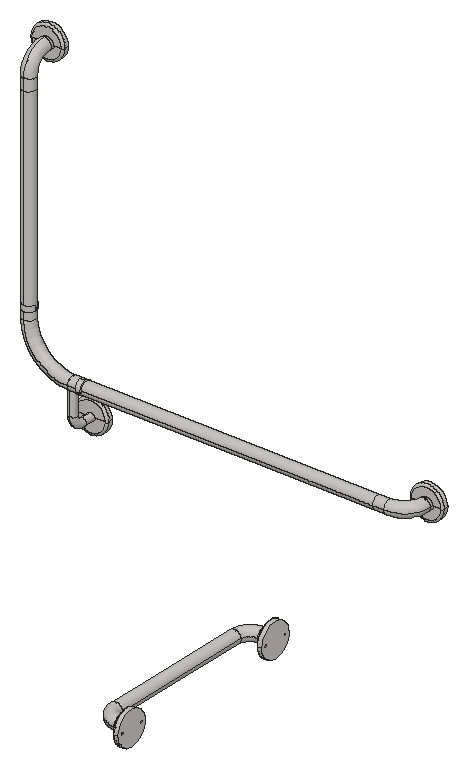
Revit family "RBA4090-346", category Plumbing Fixtures, Revit 2021
Family settings
  Round Connector Dimension = Use Diameter
  Part Type = Normal
  Work Plane-Based = No
  Always vertical = Yes
  Cut with Voids When Loaded = No
  Shared = No
  Room Calculation Point = No
Parameters
  Watermarked By = ""
  URL = "www.rba.com.au"
  Phone Number = "1300 788 778"
  OFFSET = 800.00 mm
  Model = "RBA4090-346"
  Materials & Finishes = #304 Stainless Steel, Satin Finish
  Manufacturer Model = ""
  Manufacturer = "RBA Group"
  Distance Away from Wall [instance] = 100.00 mm
  Distance Away from Toilet [instance] = 1090.00 mm
  Description = "RH Accessible Rail + 450mm Straight Kit | Satin Finish"
  Default Elevation = 0.00 mm
  Copyrighted by = "RBA Group"  # constant formula
  Assembly Code = ""
Reference planes
  plane 1 "Center (Front/Back)": y = 0
  plane 2: z = 0
  plane 3: x = 40.5
  plane 4: z = 800
  plane 5: x = 1090.5
  plane 6: x = 990.5
  plane 7: x = 140.5
  plane 8: z = 700
  plane 9: z = 1500
  plane 10: y = -86
  plane 11: y = -54
  plane 12: y = -1074
  plane 13: y = -1090
  plane 14: x = 1035.5
  plane 15: x = 1003.5
  plane 16: z = 816
  plane 17: x = 56.5
  plane 18: x = 46.5
Dimensions and locks
  "OFFSET": plane 4 to plane 2
  plane 11 to plane 1 "Center (Front/Back)" = 54.00 mm
  plane 10 to plane 1 "Center (Front/Back)" = 86.00 mm
  "Distance Away from Wall": plane 6 to plane 5
  locked: plane 12 to plane 13 at 16
  "Distance Away from Toilet": plane 13 to plane 1 "Center (Front/Back)"
Nested families
  nested 1: "RBA4090-911" at (-656, 0, 800), type "RBA4090-911"
  nested 2: "RBA4000-Straight-Series" at (1090.5, -1074, 800) x (0, 1, 0) z (0, 0, -1), type "RBA4000-045"
Definition of nested family "RBA4090-911"
  Parameters (values of type "RBA4090-911")
    Watermarked By = "www.rba.com.au"
    URL = "www.rba.com.au"
    R_Void [instance] = 15.00 mm
    R [instance] = 0.00 mm
    Phone Number = "1300 788 778"
    Model = "RBA4090-911"
    Materials & Finishes = none
    Manufacturer Model = "B819436"
    Manufacturer = "RBA Group"
    Description = "RTA SSS Right Hand Single Wall 90° Rail"
    Default Elevation = 0.00 mm
    Copyrighted by = "RBA Group"  # constant formula
    Assembly Code = ""
  Reference planes
    plane 1 "Center (Front/Back)": y = 0
    plane 2: z = 0
    plane 3: x = 40.5
    plane 4: x = 990.5
    plane 5: x = 515.5
    plane 6: z = 700
    plane 7: x = 835.5
    plane 8: z = -100
    plane 9: x = 974.5
    plane 10: z = 16
    plane 11: y = -70
    plane 12: y = -86
    plane 13: y = -54
    plane 14: y = -79.5
    plane 15: y = -60.5
    plane 16: z = -30
    plane 17: z = 30
    plane 18: x = 1606.5
    plane 19: x = 1666.5
    plane 20: z = 670
    plane 21: z = 730
    plane 22: x = 716.5
    plane 23: x = 656.5
    plane 24: z = -130
    plane 25: z = -70
    plane 26: x = 766.5
    plane 27: x = 826.5
    plane 28: x = 686.5
  Forms (mm)
    Extrusion 1, solid, material <- "Materials & Finishes"
      sketch origin (1636.5, -2.628, 315.907) x (0, 0, -1) y (-1, 0, 0)
        loop
          circle (315.907, 0) r 40
      from -0.219 to 2.628
    Revolve 2, solid, material <- "Materials & Finishes"
      sketch origin (1636.5, 18.663, 0) x (0, -1, 0) y (1, 0, 0)
        loop
          line (18.663, 0) -> (33.701, 0) -> (32.842, 36.617)
          arc (32.842, 36.617) -> (31.337, 40.077) -> (27.844, 41.5) r 5
          line (27.844, 41.5) -> (18.663, 41.5) -> (18.663, 0)
        axis (18.663, 0) -> (33.701, 0)
      angle from 0 to 360
    Extrusion 3, void
      sketch origin (1636.5, 34.941, 315.907) x (0, 0, -1) y (-1, 0, 0)
        loop
          circle (315.907, 30) r 5
        loop
          circle (315.907, -30) r 5
      from -37.788 to -30
    Sweep 4, solid, material <- "Materials & Finishes"
      path origin (1636.5, 12.454, 0) x (0, -1, 0) y (-1, 0, 0)
        loop
          line (12.454, 0) -> (34.454, 0)
          arc (34.454, 0) -> (68.395, 14.059) -> (82.454, 48) r 48
          line (82.454, 48) -> (82.454, 76)
      profile origin (1636.5, -11, 0) x (1, 0, 0) y (0, 0, 1)
        loop
          circle (0, 0) r 16
    Extrusion 5, solid, material <- "Materials & Finishes"
      sketch origin (686.5, -2.628, 1015.907) x (0, 0, -1) y (-1, 0, 0)
        loop
          circle (315.907, 0) r 40
      from -0.219 to 2.628
    Extrusion 6, void
      sketch origin (686.5, 34.941, 1015.907) x (0, 0, -1) y (-1, 0, 0)
        loop
          circle (315.907, -30) r 5
        loop
          circle (315.907, 30) r 5
      from -37.788 to -30
    Sweep 7, solid, material <- "Materials & Finishes"
      path origin (-13.5, 12.454, 700) x (0, -1, 0) y (0, 0, -1)
        loop
          line (12.454, 0) -> (34.454, 0)
          arc (34.454, 0) -> (68.395, 14.059) -> (82.454, 48) r 48
          line (82.454, 48) -> (82.454, 76)
      profile origin (-13.5, -11, 700) x (0, 0, -1) y (1, 0, 0)
        loop
          circle (0, 700) r 16
    Revolve 8, solid, material <- "Materials & Finishes"
      sketch origin (686.5, 18.663, 700) x (0, -1, 0) y (1, 0, 0)
        loop
          line (18.663, 0) -> (18.663, -41.5) -> (27.844, -41.5)
          arc (27.844, -41.5) -> (31.337, -40.077) -> (32.842, -36.617) r 5
          line (32.842, -36.617) -> (33.701, 0) -> (18.663, 0)
        axis (18.663, 0) -> (33.701, 0)
      angle from 0 to 360
    Sweep 9, solid, material <- "Materials & Finishes"
      path origin (1677, 0, 0) x (-1, 0, 0) y (0, 0, -1)
        loop
          line (116.5, 0) -> (880.5, 0)
          arc (880.5, 0) -> (958.282, -32.218) -> (990.5, -110) r 110
          line (990.5, -110) -> (990.5, -624)
      profile origin (1178.5, 0, 0) x (0, 0, -1) y (0, -1, 0)
        loop
          circle (0, 70) r 16
    Extrusion 10, solid, material <- "Materials & Finishes"
      sketch origin (796.5, -2.628, 215.907) x (0, 0, -1) y (-1, 0, 0)
        loop
          circle (315.907, 0) r 40
      from -0.219 to 2.628
    Revolve 11, solid, material <- "Materials & Finishes"
      sketch origin (796.5, 18.663, -100) x (0, -1, 0) y (1, 0, 0)
        loop
          line (18.663, 0) -> (33.701, 0) -> (32.842, 36.617)
          arc (32.842, 36.617) -> (31.337, 40.077) -> (27.844, 41.5) r 5
          line (27.844, 41.5) -> (18.663, 41.5) -> (18.663, 0)
        axis (18.663, 0) -> (33.701, 0)
      angle from 0 to 360
    Sweep 12, solid, material <- "Materials & Finishes"
      path origin (796.5, 12.454, -100) x (0, -1, 0) y (0, 0, 1)
        loop
          line (12.454, 0) -> (54.454, 0)
          arc (54.454, 0) -> (74.253, 8.201) -> (82.454, 28) r 28
          line (82.454, 28) -> (82.454, 100)
      profile origin (796.5, -21, -100) x (0, 0, 1) y (-1, 0, 0)
        loop
          circle (0, 0) r 9.5
    Extrusion 13, void
      sketch origin (796.5, 34.941, 215.907) x (0, 0, -1) y (-1, 0, 0)
        loop
          circle (315.907, 30) r 5
        loop
          circle (315.907, -30) r 5
      from -37.788 to -30
    Extrusion 14, solid, material <- "Materials & Finishes"
      sketch origin (1677, 0, 0) x (-1, 0, 0) y (0, -1, 0)
        loop
          circle (990.5, 70) r 17
      from 142 to 130
    Extrusion 15, solid, material <- "Materials & Finishes"
      sketch origin (1026.5, 0, 990.5) x (0, 0, -1) y (0, -1, 0)
        loop
          circle (990.5, 70) r 17
      from 210 to 198
  Cuts and joins
    Extrusion 3 cuts Extrusion 1
    Extrusion 3 cuts Revolve 2
    Extrusion 6 cuts Extrusion 5
    Extrusion 6 cuts Revolve 8
    Extrusion 13 cuts Extrusion 10
    Extrusion 13 cuts Revolve 11
    joined: Sweep 4, Sweep 7, Sweep 9
  Dimensions and locks
    level to plane 8 = 100.00 mm
    plane 6 to level = 700.00 mm
    plane 4 to plane 7 = 155.00 mm
    plane 4 to plane 3 = 950.00 mm
    Revolve 2 sketch curve to Revolve 2 sketch curve = 41.50 mm
    plane 17 to plane 16 = 60.00 mm
    plane 18 to plane 19 = 60.00 mm
    plane 21 to plane 20 = 60.00 mm
    plane 23 to plane 22 = 60.00 mm
    Revolve 8 sketch curve to Revolve 8 sketch curve = 41.50 mm
    Revolve 11 sketch curve to Revolve 11 sketch curve = 41.50 mm
    plane 25 to plane 24 = 60.00 mm
    plane 26 to plane 27 = 60.00 mm
    radius of Extrusion 1 sketch curve = 40.00 mm
    radius of Sweep 4 sketch curve = 16.00 mm
    radius of Extrusion 5 sketch curve = 40.00 mm
    radius of Sweep 7 sketch curve = 16.00 mm
    radius of Extrusion 10 sketch curve = 40.00 mm
    radius of Sweep 12 sketch curve = 9.50 mm
    aligned and locked: Revolve 2 to Extrusion 1
    aligned and locked: Revolve 11 to Extrusion 10
Definition of nested family "RBA4000-Straight-Series"
  Parameters (values of type "RBA4000-060")
    Watermarked By = "www.rba.com.au"
    URL = "www.rba.com.au"
    Phone Number = "1300 788 778"
    OFFSET [instance] = 800.00 mm
    Model = "RBA4000-Straight-Series"
    Materials & Finishes = none
    Manufacturer = "RBA Group"  # constant formula
    Lgth = 600.00 mm
    Diameter = 32.00 mm
    Description = "RTA Satin Stainless Steel Straight Grabrail"
    Default Elevation = 0.00 mm
    Copyright by = "RBA Group"  # constant formula
  Types (9, lengths in mm): name | Model | Lgth
    RBA4000-040 | "RBA4000-040" | 400.00
    RBA4000-120 | "RBA4000-120" | 1200.00
    RBA4000-100 | "RBA4000-100" | 1000.00
    RBA4000-080 | "RBA4000-080" | 800.00
    RBA4000-090 | "RBA4000-090" | 900.00
    RBA4000-070 | "RBA4000-075" | 700.00
    RBA4000-060 | "RBA4000-Straight-Series" | 600.00
    RBA4000-045 | "RBA4000-045" | 450.00
    RBA4000-030 | "RBA4000-030" | 300.00
  Reference planes
    plane 1 "Center (Front/Back)": y = 0
    plane 2: z = 0
    plane 3 "Center (Left/Right)": x = 0
    plane 4: x = 0
    plane 5: x = 0
    plane 6: y = -57
    plane 7: y = -87
    plane 8: x = 600
    plane 9: z = 16
    plane 10: z = -16
    plane 11: y = -55
  Forms (mm)
    Sweep 1, solid, material <- "Materials & Finishes"
      path origin (-273.954, -750, 0) x (0, -1, 0) y (1, 0, 0)
        loop
          line (-740, 873.954) -> (-719, 873.954)
          arc (-719, 873.954) -> (-690.716, 862.239) -> (-679, 833.954) r 40
          line (-679, 833.954) -> (-679, 313.954)
          arc (-679, 313.954) -> (-690.716, 285.67) -> (-719, 273.954) r 40
          line (-719, 273.954) -> (-740, 273.954)
      profile origin (300, -71, 0) x (0, -1, 0) y (0, 0, 1)
        loop
          circle (0, 0) r 16
    Extrusion 2, solid, material <- "Materials & Finishes"
      sketch origin (62.5, -2.628, -315.907) x (0, 0, 1) y (1, 0, 0)
        loop
          circle (315.907, -62.5) r 40
      from -0.206 to 2.628
    Revolve 3, solid, material <- "Materials & Finishes"
      sketch origin (62.5, 18.663, 0) x (-1, 0, 0) y (0, -1, 0)
        loop
          line (62.5, 18.663) -> (104, 18.663) -> (104, 28.968)
          arc (104, 28.968) -> (103.207, 31.014) -> (101.243, 31.992) r 3.037
          arc (101.243, 31.992) -> (81.892, 33.334) -> (62.5, 33.781) r 420.249
          line (62.5, 33.781) -> (62.5, 18.663)
        axis (62.5, 18.663) -> (62.5, 33.781)
      angle from 0 to 360
    Extrusion 4, void
      sketch origin (62.704, 34.941, -270.785) x (-0.515038, 0, 0.857167) y (0.857167, 0, 0.515038)
        loop
          circle (248.952, 111.432) r 4.75
        loop
          circle (279.854, 60.002) r 4.75
      from -37.775 to -34.941
    Extrusion 5, solid, material <- "Materials & Finishes"
      sketch origin (237.5, -2.628, -315.907) x (0, 0, 1) y (1, 0, 0)
        loop
          circle (315.907, 362.5) r 40
      from -0.206 to 2.628
    Revolve 6, solid, material <- "Materials & Finishes"
      sketch origin (237.5, 18.663, 0) x (-1, 0, 0) y (0, -1, 0)
        loop
          line (-362.5, 18.663) -> (-362.5, 33.781)
          arc (-362.5, 33.781) -> (-381.892, 33.334) -> (-401.243, 31.992) r 420.249
          arc (-401.243, 31.992) -> (-403.207, 31.014) -> (-404, 28.968) r 3.037
          line (-404, 28.968) -> (-404, 18.663) -> (-362.5, 18.663)
        axis (-362.5, 18.663) -> (-362.5, 33.781)
      angle from 0 to 360
    Extrusion 7, void
      sketch origin (362.704, 34.941, -270.785) x (-0.515038, 0, 0.857167) y (0.857167, 0, 0.515038)
        loop
          circle (125.343, 317.152) r 4.75
        loop
          circle (94.441, 368.582) r 4.75
      from -37.775 to -34.941
  Cuts and joins
    Extrusion 7 cuts Sweep 1
    Extrusion 4, Extrusion 7 cuts Extrusion 2
    Extrusion 4, Extrusion 7 cuts Revolve 3
    Extrusion 7 cuts Extrusion 5
    Extrusion 7 cuts Revolve 6
    joined: Sweep 1, Extrusion 2, Revolve 3, Extrusion 5, Revolve 6
  Dimensions and locks
    "Lgth": plane 3 "Center (Left/Right)" to plane 8
    radius of Sweep 1 sketch curve = 16.00 mm
    aligned and locked: level to plane 2
    aligned and locked: Revolve 3 to Extrusion 2
    aligned and locked: Extrusion 2 to Extrusion 4
    aligned and locked: Revolve 6 to Extrusion 5
  Automatic sketch dimensions
    Sweep 1 sketch curve to plane 8 = 0.00 mm
    Sweep 1 sketch curve to plane 3 "Center (Left/Right)" = 0.00 mm
    plane 6 to Sweep 1 sketch curve = 26.00 mm  (x2)
    Sweep 1 sketch curve to plane 6 = 14.00 mm
    plane 1 "Center (Front/Back)" to Sweep 1 sketch curve = 10.00 mm  (x2)
    Sweep 1 sketch curve to profile plane = 0.00 mm  (x2)
    Extrusion 2 sketch curve to level = 0.00 mm
    Extrusion 2 sketch curve to plane 3 "Center (Left/Right)" = 0.00 mm
    plane 1 "Center (Front/Back)" to Revolve 3 sketch curve = 0.00 mm
    Revolve 3 sketch curve to plane 3 "Center (Left/Right)" = 0.00 mm  (x2)
    plane 1 "Center (Front/Back)" to Revolve 3 sketch curve = 10.305 mm
    Revolve 3 sketch curve to plane 3 "Center (Left/Right)" = 38.463 mm
    Revolve 3 sketch curve to Revolve 3 sketch curve = 3.037 mm
    Revolve 3 sketch curve to plane 1 "Center (Front/Back)" = 405.131 mm
    Revolve 3 sketch curve to Revolve 3 sketch curve = 15.118 mm
    Revolve 3 sketch curve to plane 1 "Center (Front/Back)" = 21.537 mm
    Revolve 3 sketch curve to Revolve 3 sketch curve = 0.00 mm
    plane 6 to Revolve 3 sketch curve = 13.537 mm
    Extrusion 5 sketch curve to level = 0.00 mm
    plane 8 to Extrusion 5 sketch curve = 0.00 mm
    plane 1 "Center (Front/Back)" to Revolve 6 sketch curve = 0.00 mm
    Revolve 6 sketch curve to plane 8 = 0.00 mm  (x2)
    plane 1 "Center (Front/Back)" to Revolve 6 sketch curve = 10.305 mm
    Revolve 6 sketch curve to plane 8 = 38.463 mm
    Revolve 6 sketch curve to Revolve 6 sketch curve = 3.037 mm
    Revolve 6 sketch curve to plane 1 "Center (Front/Back)" = 405.131 mm
    Revolve 6 sketch curve to Revolve 6 sketch curve = 15.118 mm
    Revolve 6 sketch curve to plane 1 "Center (Front/Back)" = 21.537 mm
    Revolve 6 sketch curve to Revolve 6 sketch curve = 0.00 mm
    plane 6 to Revolve 6 sketch curve = 13.537 mm
    Extrusion 7 sketch curve to level = 0.00 mm  (x2)
    Extrusion 7 sketch curve to plane 8 = 30.00 mm
    Extrusion 7 sketch curve to Extrusion 7 sketch curve = 30.902 mm
    Extrusion 4 sketch curve to level = 0.00 mm  (x2)
    plane 3 "Center (Left/Right)" to Extrusion 4 sketch curve = 30.00 mm
    Extrusion 4 sketch curve to Extrusion 4 sketch curve = 30.902 mm
    radius of Extrusion 2 sketch curve = 40.00 mm
    radius of Extrusion 5 sketch curve = 40.00 mm
    radius of Extrusion 7 sketch curve = 4.75 mm  (x2)
    radius of Extrusion 4 sketch curve = 4.75 mm  (x2)
